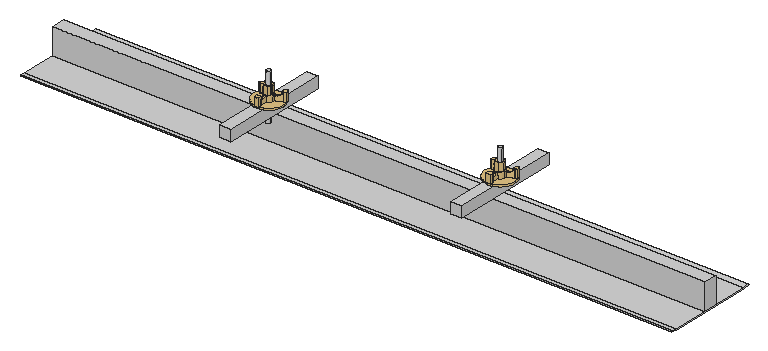
Revit family "LGW_COMPENSATION PLATE LGW 2.4_1923255", category Generic Models, Revit 2018
Family settings
  Can host rebar = No
  Round Connector Dimension = Use Diameter
  Part Type = Normal
  OmniClass Number = 35.51.14.00
  OmniClass Title = FORMWORK
  Work Plane-Based = Yes
  Always vertical = No
  Cut with Voids When Loaded = No
  Shared = Yes
  Room Calculation Point = No
Parameters
  VERSION = "20190101"  # constant formula
  URL = "www.ulmaconstruction.com/en"
  UNICLASS = ""
  ITEM_CODE = "1923255"
  Manufacturer = "ULMA CONSTRUCTION"  # constant formula
  FILTER [instance] = ""
  Default Elevation = 0.000 mm
  CLASSIFICATION_TITLE = ""
  CLASSIFICATION_NUMBER = ""
Reference planes
  plane 1 "Centro (Frontal/Posterior)": y = 0
  plane 2: z = 0
  plane 3 "Centro (Izquierda/Derecha)": x = 0
  plane 4 "01": x = 800
  plane 5 "02": x = 1600
  plane 6 "ITEM_HEIGHT": x = 2400
  plane 7 "MIDDLE": y = -25
  plane 8 "HOLE 1": x = 550
  plane 9 "HOLE 2": x = 1850
Forms (mm)
  Extrusion 1, solid, material "ULMA ZINC"
    sketch origin (0, 0, 0) x (0, 1, 0) y (0, 0, 1)
      loop
        line (-179.83, -96.5) -> (-199.66, -94.241) -> (-200, -97.221) -> (-180, -99.5) -> (130, -99.5) -> (150, -97.221) -> (149.66, -94.241) -> (129.83, -96.5) -> (-179.83, -96.5)
    from 0 to 2400
  Extrusion 2, solid, material "ULMA ZINC"
    sketch origin (0, 0, 0) x (0, 1, 0) y (0, 0, 1)
      loop
        line (-50, -96.5) -> (0, -96.5) -> (0, 0) -> (-50, 0) -> (-50, -96.5)
    from 0 to 2400
  Extrusion 3, solid, material "ULMA ZINC", detail levels fine
    sketch origin (75, 0, 0) x (1, 0, 0) y (0, 1, 0)
      loop
        circle (725, -57.5) r 7.5
    from -30 to 140
  Extrusion 4, solid, material "ULMA ZINC", detail levels fine
    sketch origin (-675, 0, 0) x (1, 0, 0) y (0, 1, 0)
      loop
        circle (2275, 7.5) r 7.5
    from -30 to 140
  Extrusion 5, solid, material "ULMA ZINC"
    sketch origin (75, 0, 0) x (1, 0, 0) y (0, 1, 0)
      loop
        line (705, 142.5) -> (705, -257.5) -> (745, -257.5) -> (745, 142.5) -> (705, 142.5)
    from 0 to 40
  Extrusion 6, solid, material "ULMA ZINC"
    sketch origin (-675, 0, 0) x (1, 0, 0) y (0, 1, 0)
      loop
        line (2255, 207.5) -> (2255, -192.5) -> (2295, -192.5) -> (2295, 207.5) -> (2255, 207.5)
    from 0 to 40
Lines and regions (mm)
  model lines, style "ULMA PANELS", detail levels fine
    curve 1: circle (550, -25, 0) r 13 normal (0, 0, 1)
    curve 2: circle (1850, -25, 0) r 13 normal (0, 0, 1)
    curve 3: circle (550, -25, -99.5) r 13 normal (0, 0, 1)
    curve 4: circle (1850, -25, -99.5) r 13 normal (0, 0, 1)
Dimensions and locks
  locked: plane 3 "Centro (Izquierda/Derecha)" to plane 6 "ITEM_HEIGHT" at 2400
  aligned and locked: level to plane 2
  aligned and locked: plane 6 "ITEM_HEIGHT" to Extrusion 1
  aligned and locked: plane 6 "ITEM_HEIGHT" to Extrusion 2
Nested families
  nested 1: "TUERCA PLACA FIJA 15 - 7238000_PANELS" at (800, -57.5, 40), type "TUERCA PLACA FIJA 15 - 7238000_PANELS"
    with FILTER ""
  nested 2: "TUERCA PLACA FIJA 15 - 7238000_PANELS" at (1600, 7.5, 40), type "TUERCA PLACA FIJA 15 - 7238000_PANELS"
    with FILTER ""
Definition of nested family "TUERCA PLACA FIJA 15 - 7238000_PANELS"
  Parameters (values of type "TUERCA PLACA FIJA 15 - 7238000_PANELS")
    VERSION = "20170217"  # constant formula
    URL = "www.ulmaconstruction.com/en"
    UNICLASS = ""
    Model = ""
    Manufacturer = "ULMA CONSTRUCTION"  # constant formula
    FILTER [instance] = ""
    Default Elevation = 0.000 mm
    CLASSIFICATION_TITLE = ""
    CLASSIFICATION_NUMBER = ""
  Reference planes
    plane 1 "Centro (Frontal/Posterior)": y = 0
    plane 2: z = 0
    plane 3 "Centro (Izquierda/Derecha)": x = 0
  Forms (mm)
    Extrusion 1, solid
      sketch origin (0, 42.5, 39) x (-1, 0, 0) y (0, -1, 0)
        loop
          circle (0, 42.5) r 55
      from -39 to -34
    Extrusion 2, solid, detail levels fine
      sketch origin (0, 0, 0) x (1, 0, 0) y (0, 1, 0)
        loop
          circle (0, 0) r 16.4
      from 5 to 25
    Extrusion 3, solid, detail levels fine
      sketch origin (0, 0, 0) x (1, 0, 0) y (0, 1, 0)
        loop
          line (7.794, 13.5) -> (-7.794, 13.5) -> (-15.588, 0) -> (-7.794, -13.5) -> (7.794, -13.5) -> (15.588, 0) -> (7.794, 13.5)
      from 25 to 56
    Extrusion 4, solid, detail levels fine
      sketch origin (0, 0, 0) x (1, 0, 0) y (0, 1, 0)
        loop
          line (-51.249, 19.962) -> (-43.895, 15.716)
          arc (-43.895, 15.716) -> (-42.889, 15.447) -> (-41.884, 15.718) r 2.008
          line (-41.884, 15.718) -> (-34.641, 19.9) -> (-34.641, 28.263)
          arc (-34.641, 28.263) -> (-34.91, 29.269) -> (-35.645, 30.006) r 2.015
          line (-35.645, 30.006) -> (-43.022, 34.265)
          arc (-43.022, 34.265) -> (-47.675, 27.424) -> (-51.249, 19.962) r 55
        loop
          arc (51.186, 20.125) -> (47.587, 27.576) -> (42.913, 34.402) r 55
          line (42.913, 34.402) -> (35.558, 30.156)
          arc (35.558, 30.156) -> (34.822, 29.419) -> (34.554, 28.413) r 2.008
          line (34.554, 28.413) -> (34.554, 20.05) -> (41.797, 15.868)
          arc (41.797, 15.868) -> (42.802, 15.598) -> (43.808, 15.866) r 2.015
          line (43.808, 15.866) -> (51.186, 20.125)
        loop
          line (8.337, -54.364) -> (8.337, -45.872)
          arc (8.337, -45.872) -> (8.067, -44.867) -> (7.329, -44.132) r 2.008
          line (7.329, -44.132) -> (0.087, -39.95) -> (-7.156, -44.132)
          arc (-7.156, -44.132) -> (-7.893, -44.867) -> (-8.164, -45.872) r 2.015
          line (-8.164, -45.872) -> (-8.164, -54.391)
          arc (-8.164, -54.391) -> (0.088, -55) -> (8.337, -54.364) r 55
      from 5 to 35
    Blend 5, solid, detail levels fine
      base sketch origin (0, 0, 0) x (1, 0, 0) y (0, 1, 0)
        loop
          arc (-15.798, 4.402) -> (-14.247, 8.123) -> (-11.836, 11.352) r 16.4
          line (-11.836, 11.352) -> (-34.641, 24.519) -> (-34.641, 19.9) -> (-38.641, 17.591) -> (-15.798, 4.402)
      top sketch origin (0, 0, 0) x (1, 0, 0) y (0, 1, 0)
        loop
          spline (-36.457, 18.852) -> (-35.471, 18.034) -> (-34.159, 17.057) -> (-32.563, 15.952) -> (-30.731, 14.753) -> (-28.722, 13.498) -> (-26.598, 12.226) -> (-24.424, 10.976) -> (-22.269, 9.788) -> (-20.2, 8.697) -> (-18.281, 7.74) -> (-16.572, 6.944) -> (-15.127, 6.336)
          arc (-15.127, 6.336) -> (-14.246, 8.125) -> (-13.154, 9.794) r 16.4
          spline (-13.154, 9.794) -> (-14.405, 10.742) -> (-15.948, 11.824) -> (-17.736, 13.006) -> (-19.714, 14.252) -> (-21.82, 15.523) -> (-23.987, 16.779) -> (-26.149, 17.981) -> (-28.238, 19.093) -> (-30.19, 20.078) -> (-31.942, 20.906) -> (-33.442, 21.553) -> (-34.641, 21.996)
          line (-34.641, 21.996) -> (-34.641, 19.9) -> (-36.457, 18.852)
      from 5 to 24.998
    Blend 6, solid, detail levels fine
      base sketch origin (0, 0, 0) x (-0.5, -0.866025, 0) y (0.866025, -0.5, 0)
        loop
          arc (-15.798, 4.402) -> (-14.247, 8.123) -> (-11.836, 11.352) r 16.4
          line (-11.836, 11.352) -> (-34.641, 24.519) -> (-34.641, 19.9) -> (-38.641, 17.591) -> (-15.798, 4.402)
      top sketch origin (0, 0, 0) x (-0.5, -0.866025, 0) y (0.866025, -0.5, 0)
        loop
          spline (-36.457, 18.852) -> (-35.471, 18.034) -> (-34.159, 17.057) -> (-32.563, 15.952) -> (-30.731, 14.753) -> (-28.722, 13.498) -> (-26.598, 12.226) -> (-24.424, 10.976) -> (-22.269, 9.788) -> (-20.2, 8.697) -> (-18.281, 7.74) -> (-16.572, 6.944) -> (-15.127, 6.336)
          arc (-15.127, 6.336) -> (-14.246, 8.125) -> (-13.154, 9.794) r 16.4
          spline (-13.154, 9.794) -> (-14.405, 10.742) -> (-15.948, 11.824) -> (-17.736, 13.006) -> (-19.714, 14.252) -> (-21.82, 15.523) -> (-23.987, 16.779) -> (-26.149, 17.981) -> (-28.238, 19.093) -> (-30.19, 20.078) -> (-31.942, 20.906) -> (-33.442, 21.553) -> (-34.641, 21.996)
          line (-34.641, 21.996) -> (-34.641, 19.9) -> (-36.457, 18.852)
      from 5 to 24.998
    Blend 7, solid, detail levels fine
      base sketch origin (0, 0, 0) x (-0.498104, 0.867117, 0) y (-0.867117, -0.498104, 0)
        loop
          arc (-15.798, 4.402) -> (-14.247, 8.123) -> (-11.836, 11.352) r 16.4
          line (-11.836, 11.352) -> (-34.641, 24.519) -> (-34.641, 19.9) -> (-38.641, 17.591) -> (-15.798, 4.402)
      top sketch origin (0, 0, 0) x (-0.498104, 0.867117, 0) y (-0.867117, -0.498104, 0)
        loop
          spline (-36.457, 18.852) -> (-35.471, 18.034) -> (-34.159, 17.057) -> (-32.563, 15.952) -> (-30.731, 14.753) -> (-28.722, 13.498) -> (-26.598, 12.226) -> (-24.424, 10.976) -> (-22.269, 9.788) -> (-20.2, 8.697) -> (-18.281, 7.74) -> (-16.572, 6.944) -> (-15.127, 6.336)
          arc (-15.127, 6.336) -> (-14.246, 8.125) -> (-13.154, 9.794) r 16.4
          spline (-13.154, 9.794) -> (-14.405, 10.742) -> (-15.948, 11.824) -> (-17.736, 13.006) -> (-19.714, 14.252) -> (-21.82, 15.523) -> (-23.987, 16.779) -> (-26.149, 17.981) -> (-28.238, 19.093) -> (-30.19, 20.078) -> (-31.942, 20.906) -> (-33.442, 21.553) -> (-34.641, 21.996)
          line (-34.641, 21.996) -> (-34.641, 19.9) -> (-36.457, 18.852)
      from 5 to 24.998
    Revolve 8, void
      sketch origin (0, 0, 0) x (0, 1, 0) y (0, 0, 1)
        loop
          arc (-39.95, 25) -> (-28.175, 18.72) -> (-16.4, 24.999) r 14.18
          line (-16.4, 24.999) -> (-16.4, 26.999) -> (-39.95, 26.999) -> (-39.95, 25)
        axis (0, 24.999) -> (0, 26.999)
      angle from 0 to 360
  Cuts and joins
    Revolve 8 cuts Extrusion 3
    Revolve 8 cuts Blend 5
    Revolve 8 cuts Blend 6
    Revolve 8 cuts Blend 7
  Lines and regions (mm)
    model lines, detail levels fine
      curve 1: circle (0, 0, 0) r 7.5 normal (0, 0, 1)
      curve 2: circle (0, 0, 56) r 7.5 normal (0, 0, 1)
  Dimensions and locks
    aligned and locked: level to plane 2
